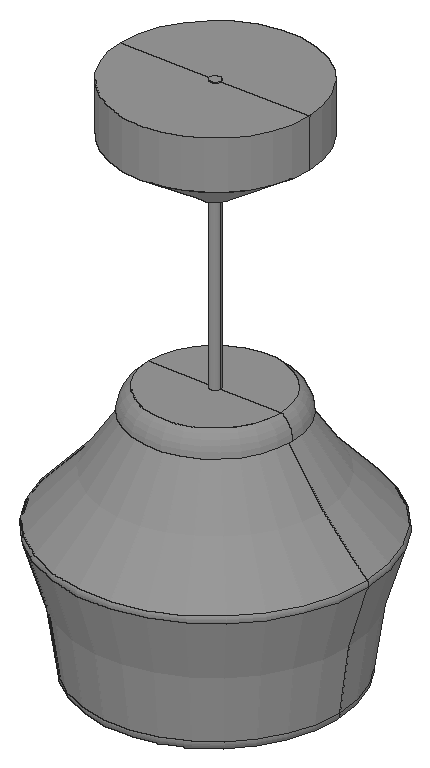
Revit family "63_UN_Pendant_GO-2S Canopy_Signify", category Lighting Fixtures, Revit 2019
Family settings
  Round Connector Dimension = Use Diameter
  Part Type = Normal
  OmniClass Number = 23.80.70.11
  OmniClass Title = Luminaries for Internal Lighting
  Work Plane-Based = No
  Always vertical = Yes
  Cut with Voids When Loaded = No
  Light Source = No
  Shared = No
  Room Calculation Point = Yes
Parameters (values of type "GO-1S")
  Wattage Comments = "10W"
  Voltage = 230 V
  URL = "https://www.signify.com/global/innovation/3d-printing"
  Type Comments = "GO-2S"
  Pendant_Material = UHMW, Black
  Pendant_Length [instance] = 200 mm
  Symbol_ToScale [instance] = yes
  Symbol_RealSize [instance] = not(Symbol_ToScale)  # no
  Switch Code [instance] = ""
  Model = "Pendant"
  Manufacturer = "Signify"
  Luminaire Code [instance] = ""
  Lamp = "LED"
  IfcExportType = "USERDEFINED"
  IfcExportAs = "IfcLightFixtureType"
  Housing_Material = Select RGB Value for different appearance
  Description = ""
  Content Creator® = "www.ivlibrary.com"
  Calc_Pendant_Length [instance] = if(Pendant_Length < 200 mm, 200 mm, if(Pendant_Length > 3000 mm, 3000 mm, Pendant_Length))  # 200 mm
  Assembly Code = "63.0"
  Apparent Load = 10 VA
Reference planes
  plane 1 "Center (Front/Back)": y = 0
  plane 2: z = 0
  plane 3 "Center (Left/Right)": x = 0
  plane 4: z = -200
  plane 5: z = -330
Forms (mm)
  Extrusion 1, solid, material "UHMW, Black" <- "Pendant_Material"
    sketch origin (0, 0, 0) x (1, 0, 0) y (0, 1, 0)
      loop
        circle (0, 0) r 3.848
    from -200 to 0
  Revolve 2, solid, material "UHMW, Black" <- "Pendant_Material"
    sketch origin (0, 0, 0) x (1, 0, 0) y (0, 0, 1)
      loop
        line (-68.5, 0) -> (-68.5, -35.165) -> (-13.084, -72.544) -> (0, -72.544) -> (0, 0) -> (-68.5, 0)
      axis (0, 0) -> (0, -72.544)
    angle from 0 to 360
Lines and regions (mm)
  symbolic lines, visible <- "Symbol_RealSize"
    curve 1: circle (0, 0, 0) r 110 normal (0, 0, 1)
    curve 2: line (-77.782, 77.782, 0) -> (0, 0, 0)
    curve 3: line (0, 0, 0) -> (-77.782, -77.782, 0)
    curve 4: line (77.782, 77.782, 0) -> (0, 0, 0)
    curve 5: line (0, 0, 0) -> (77.782, -77.782, 0)
Dimensions and locks
  "Calc_Pendant_Length": plane 2 to plane 4
  locked: plane 4 to plane 5 at 130
  aligned and locked: level to plane 2
  aligned and locked: plane 2 to Extrusion 1
  aligned and locked: plane 4 to Extrusion 1
  aligned and locked: nested 1 to plane 4
Automatic sketch dimensions
  plane 1 "Center (Front/Back)" to curve 2 = 0 mm
  curve 2 to plane 3 "Center (Left/Right)" = 0 mm
  plane 1 "Center (Front/Back)" to curve 1 = 0 mm
  curve 1 to plane 3 "Center (Left/Right)" = 0 mm
  curve 3 to plane 3 "Center (Left/Right)" = 77.782 mm
  curve 2 to plane 3 "Center (Left/Right)" = 77.782 mm
  plane 1 "Center (Front/Back)" to curve 5 = 77.782 mm
  plane 1 "Center (Front/Back)" to Extrusion 1 sketch curve = 0 mm
  Extrusion 1 sketch curve to plane 3 "Center (Left/Right)" = 0 mm
  Revolve 2 sketch curve to level = 0 mm
  Revolve 2 sketch curve to plane 3 "Center (Left/Right)" = 0 mm  (x2)
  Revolve 2 sketch curve to plane 3 "Center (Left/Right)" = 13.084 mm
  Revolve 2 sketch curve to plane 3 "Center (Left/Right)" = 68.5 mm
  Revolve 2 sketch curve to Revolve 2 sketch curve = 35.165 mm
  Revolve 2 sketch curve to Revolve 2 sketch curve = 72.544 mm
  Revolve 2 sketch curve to Revolve 2 sketch curve = 6.499 mm
  level to Revolve 2 sketch curve = 2214.315 mm
  radius of Extrusion 1 sketch curve = 3.848 mm
Nested families
  nested 1: "GO-2S" at (0, 0, -200), Housing_Material <- "Housing_Material", type "Geometry"
    with Housing_Material Select RGB Value for different appearance
  nested 2: "Ø220 Symbol_Signify" at (0, 0, 0), visible <- "Symbol_ToScale", type "Ø400 Symbol_Signify"
Connectors
  electrical at (0, 0, 0), driven by "Apparent Load", driven by "Voltage"
    settings: index 1, voltage 230 V, apparent load 0 VA, apparent load phase1 10 VA, apparent load phase2 0 VA, apparent load phase3 0 VA, power factor 1, load classification "Other", number of poles 1, system type 31, power factor state 1, is connector primary yes, connector utility no, sub classification motor no, connector description ""
Definition of nested family "GO-2S"
  Parameters (values of type "Geometry")
    URL = "Signify.com"
    Type Comments = ""
    Model = "Geometry"
    Manufacturer = "Signify"
    Lamp = "LED"
    Housing_Material [instance] = none
    Assembly Code = "63.xx"
    Apparent Load = 41 VA
  Reference planes
    plane 1 "Center (Front/Back)": y = 0
    plane 2: z = 0
    plane 3 "Center (Left/Right)": x = 0
    plane 4: z = 0
  Forms (mm)
    Revolve 1, solid, material <- "Housing_Material"
      sketch origin (0, 0, 20.589) x (1, 0, 0) y (0, 0, 1)
        loop
          arc (-52.295, -36.196) -> (-78.513, -74.486) -> (-110.264, -108.329) r 303.411
          arc (-110.264, -108.329) -> (-111.021, -110.618) -> (-110.649, -113) r 5.131
          arc (-110.649, -113) -> (-96.804, -156.309) -> (-90.262, -201.305) r 275.838
          arc (-90.262, -201.305) -> (-89.247, -205.323) -> (-85.915, -207.789) r 6.16
          arc (-85.915, -207.789) -> (-42.999, -224.483) -> (-3.153, -247.565) r 299.17
          arc (-3.153, -247.565) -> (-1.65, -248.334) -> (0, -248.693) r 6.55
          line (0, -248.693) -> (0, -247.912)
          arc (0, -247.912) -> (-1.43, -247.588) -> (-2.734, -246.916) r 5.811
          arc (-2.734, -246.916) -> (-42.679, -223.777) -> (-85.701, -207.042) r 299.91
          arc (-85.701, -207.042) -> (-88.644, -204.855) -> (-89.522, -201.295) r 5.42
          arc (-89.522, -201.295) -> (-96.08, -156.16) -> (-109.966, -112.717) r 276.577
          arc (-109.966, -112.717) -> (-110.287, -110.727) -> (-109.686, -108.803) r 4.392
          arc (-109.686, -108.803) -> (-77.77, -74.741) -> (-51.441, -36.196) r 304.151
          line (-51.441, -36.196) -> (-52.295, -36.196)
        axis (0, -36.196) -> (0, -248.693)
      angle from 0 to 360
    Revolve 2, solid
      sketch origin (0, 0, 0) x (1, 0, 0) y (0, 0, 1)
        loop
          line (0, -15.607) -> (0, 0) -> (-48.127, 0)
          arc (-48.127, 0) -> (-53.977, -6.894) -> (-56.393, -15.607) r 21.034
          line (-56.393, -15.607) -> (0, -15.607)
        axis (0, 0) -> (0, -15.607)
      angle from 0 to 360
  Lines and regions (mm)
    reference lines
      curve 1: line (-173.969, 0, 0) -> (173.969, 0, 0)
  Dimensions and locks
    aligned and locked: level to plane 2
Definition of nested family "Ø220 Symbol_Signify"
  Reference planes
    plane 1: y = 0
    plane 2: x = 0
  Lines and regions (mm)
    detail lines
      curve 1: circle (0, 0, 0) r 1.1 normal (0, 0, 1)
      curve 2: line (0, 0, 0) -> (-0.778, -0.778, 0)
      curve 3: line (-0.778, 0.778, 0) -> (0, 0, 0)
      curve 4: line (0, 0, 0) -> (0.778, -0.778, 0)
      curve 5: line (0.778, 0.778, 0) -> (0, 0, 0)
